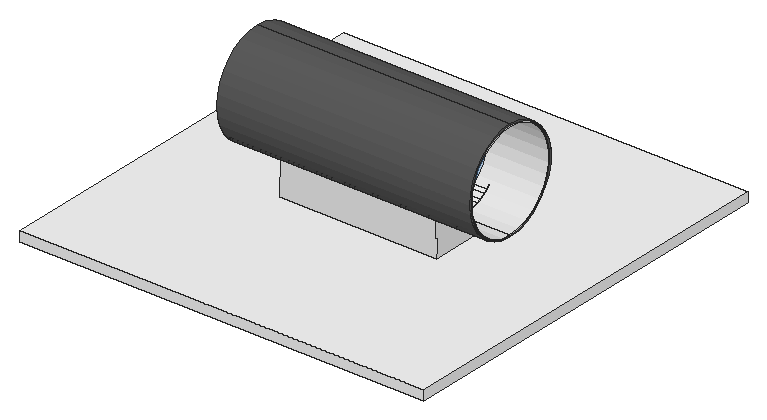
Revit family "BE_51146.2_de_DE", category Leuchten, Revit 2020
Family settings
  Basisbauteil = Fläche
  Bemaßung runder Anschluss = Durchmesser verwenden
  Teiletyp = Normal
  Beim Laden mit Abzugskörper schneiden = Ja
  Lichtquelle = Ja
  Gemeinsam genutzt = Nein
  Raumberechnungspunkt = Ja
Parameters (values of type "BEGA_51146.2_K3")
  built-in parameter 1150104 = 12.727 (stored number, unit not read)
  Wattage = 24.6 W
  Default Elevation = 0 mm
  built-in parameter 1150113 = 1 (stored number, unit not read)
  built-in parameter 1114218 = 1 (stored number, unit not read)
  Umgebungstemperatur = "25 °C"
  URL = "https://www.bega.com/de/produkt/51146.2"
  Typenkommentare = "© 2023 BEGA. Wir behalten uns das Recht vor, technische Änderungen ohne vorherige Ankündigung vorzunehmen."  # constant formula
  built-in parameter 1150134 = (empty or 0)
  built-in parameter 1150109 = 1 (stored number, unit not read)
  Strom = ""
  built-in parameter 1150110 = 1 (stored number, unit not read)
  Spannung = 239.996 V
  Sonderanfertigung = no
  Seriennummer [instance] = "Hier können Sie die eindeutige Seriennummer für das Facility Management eintragen."
  Schutzklasse = "I"
  Schutzart = "IP 20"
  Scheinlast = 0 VA
  Produktdatenblatt = "https://cdn.bega.com/bega/products/51146.2K3/current/documents/data-sheets/de"
  Oberflächentemperatur = ""
  Neigungswinkel = 0.00°
  Modell = "51146.2K3"
  Material_35 = BEGA_Oberfläche_Samtschwarz_matt
  Material_22 = BEGA_Oberfläche_Aluminium_matt
  Material_15 = BEGA_Leuchtmedium_matt
  Material_13 = BEGA_Kunststoff_matt
  M_W = no
  M_G = no
  M_A = no
  Logo = 0
  built-in parameter 1114217 = 1 (stored number, unit not read)
  built-in parameter 1150139 = (empty or 0)
  built-in parameter 1150105 = 268.17 (stored number, unit not read)
  built-in parameter 1150114 = 1 (stored number, unit not read)
  Lumens = 3369.95 lm
  built-in parameter 1150115 = 1 (stored number, unit not read)
  Leuchtenlichtstrom = "1456 lm"
  Leuchtenanzahl = ""
  Lebensdauerkriterien = "L70B50 @ 25 °C = 130000 h"
  Lastklassifizierung = Beleuchtung
  built-in parameter 1150112 = 1 (stored number, unit not read)
  Lampenlichtstrom = "3370 lm"
  Lampe = "LED 24.6 W"
  LED_Modulbezeichnung = "2x LED-0986/930"
  Hersteller = "BEGA"  # constant formula
  Halbstreuwinkel = ""
  Gewicht = "1.15 kg"
  Gebrauchslageneinschränkung [instance] = ""
  Frequenz = "0/50-60 Hz"
  Farbwiedergabeindex = "CRI > 90"
  Farbtemperaturverschiebung bei Dämpfen der Lampe = <Keine Auswahl>
  Farbtemperatur = "3000 K"
  Color Filter = 16777215
  built-in parameter 1150133 = 10 (stored number, unit not read)
  Energieeffizienzklasse = "LED A++ - A"
  built-in parameter 1150137 = (empty or 0)
  built-in parameter 1150132 = (empty or 0)
  ENEC = ""
  Dimmbar [instance] = "DALI"
  Datei für fotometrisches Netz = "BE_51146-2K3.ies"
  CE_Konformität = "ja"
  Bestellnummer = "51146.2K3"
  Beschreibung_Sonderanfertigung = "Hier können Sie Informationen zur Sonderanfertigung eintragen."
  Beschreibung = "Wandleuchte"
  built-in parameter 1150106 = 2.6817 (stored number, unit not read)
  Befestigungsbohrung = "Ø 4,5 mm"
  Befestigungsabstand = "90 x 38 mm"
  Ballwurfsicher = ""
  BEGA_Intern_aus = yes
  BEGA_Intern_an = yes
  BEGA_Intern_Konstruktion = yes
  BEGA_Intern = yes
  BEGA_IES = yes
  BEGA_Dummy = no
  Anschlussleitung = ""
  Anschlussleistung [instance] = "28 W"
  Anschlusskasten = ""
  built-in parameter 1150107 = 3000 (stored number, unit not read)
  built-in parameter 1150102 = (empty or 0)
  built-in parameter 1150138 = (empty or 0)
  Aktualisierung = "2023-01-11T04:00:03"
  Abstand_zur_angestrahlten_Fläche [instance] = ""
  AC/DC = "AC/DC"
Reference planes
  plane 1 "Mitte (Vorne/Hinten)": y = 0
  plane 2: z = 0
  plane 3 "Mitte (Links/Rechts)": x = 0
  plane 4 "Links": x = -125
  plane 5 "Rechts": x = 125
  plane 6 "Unten": y = -50.058
  plane 7 "Oben": y = 50.058
  plane 8 "Vorne": z = 121
  plane 9 "Hinten": z = 0
Forms (mm)
  Extrusion 1, solid, material "BEGA_Platte_Weiss"
    sketch origin (0, -1119.2, 0) x (1, 0, 0) y (0, 1, 0)
      loop
        line (-200, 1319.2) -> (-200, 919.2) -> (200, 919.2) -> (200, 1319.2) -> (-200, 1319.2)
    from 0 to -10
  Extrusion 2, solid, material "BEGA_Dummy_matt", visible <- "BEGA_Dummy"
    sketch origin (80.095, -76.023, 0) x (1, 0, 0) y (0, 1, 0)
      loop
        line (-205.095, 126.082) -> (-205.095, 25.965) -> (44.905, 25.965) -> (44.905, 126.082) -> (-205.095, 126.082)
    from 0 to 121
Dimensions and locks
  plane 1 "Mitte (Vorne/Hinten)" to Extrusion 1 = 200 mm
  aligned and locked: Extrusion 1 to plane 2
  aligned and locked: level to Extrusion 1
Nested families
  nested 1: "BE_51146.2_Leuchte" at (0, 0, 0), type "BE_51146.2_Leuchte"
Connectors
  electrical at (0, 0, 0), driven by "Lastklassifizierung", driven by "Spannung", driven by "Scheinlast"
    settings: index 1, voltage 239.996 V, apparent load 0 VA, apparent load phase1 0 VA, apparent load phase2 0 VA, apparent load phase3 0 VA, power factor 1, load classification "Beleuchtung", number of poles 1, system type 31, power factor state 1, is connector primary yes, connector utility no, sub classification motor no, connector description ""
Definition of nested family "BE_51146.2_Leuchte"
  Parameters (values of type "BE_51146.2_Leuchte")
    Default Elevation = 1 mm
    URL = "http://www.bega.de/de/produkt"
    Type Comments = "© 2015 BEGA. Wir behalten uns das Recht vor, technische Änderungen ohne vorherige Ankündigung vorzunehmen. "  # constant formula
    Type Image = (empty or 0)
    Material_35 = none
    Material_22 = none
    Material_15 = none
    Material_13 = none
    Länge_Platte = 200 mm  # constant formula
    Höhe_Platte = -10 mm  # constant formula
    Manufacturer = "BEGA"  # constant formula
    Breite_Platte = 200 mm  # constant formula
  Reference planes
    plane 1 "Mitte (Oben/Unten)": y = 0
    plane 2: z = 0
    plane 3 "Mitte (Links/Rechts)": x = 0
    plane 4: x = 125
    plane 5: x = -125
    plane 6: z = 121
    plane 7: z = 0
    plane 8: z = 0
    plane 9: y = -50.058
    plane 10: y = 50.058
  Forms (mm)
    Extrusion 1, solid, detail levels medium
      sketch origin (0, 0, 0) x (1, 0, 0) y (0, 1, 0)
        loop
          line (-100, 100) -> (-100, -100) -> (100, -100) -> (100, 100) -> (-100, 100)
      from 0 to -10 <- "Höhe_Platte"
    Extrusion 2, solid
      sketch origin (0, 0, 0) x (1, 0, 0) y (0, 0, 1)
        loop
          line (62.457, 5.5) -> (-65.543, 5.5) -> (-70.493, 10.45) -> (-71.907, 9.036) -> (-66.957, 4.086)
          arc (-66.957, 4.086) -> (-66.308, 3.652) -> (-65.543, 3.5) r 2
          line (-65.543, 3.5) -> (-61.043, 3.5) -> (-59.828, 1.097)
          arc (-59.828, 1.097) -> (-59.09, 0.296) -> (-58.043, 0) r 2
          line (-58.043, 0) -> (-54.043, 0)
          arc (-54.043, 0) -> (-52.992, 0.299) -> (-52.254, 1.105) r 2
          line (-52.254, 1.105) -> (-51.043, 3.5) -> (47.957, 3.5) -> (49.172, 1.097)
          arc (49.172, 1.097) -> (49.909, 0.296) -> (50.957, 0) r 2
          line (50.957, 0) -> (54.957, 0)
          arc (54.957, 0) -> (56.005, 0.296) -> (56.742, 1.097) r 2
          line (56.742, 1.097) -> (57.957, 3.5) -> (62.457, 3.5)
          arc (62.457, 3.5) -> (63.226, 3.654) -> (63.877, 4.092) r 2
          line (63.877, 4.092) -> (69.421, 9.636) -> (68.007, 11.05) -> (62.457, 5.5)
      from -28.034 to 28.034
    Extrusion 3, void
      sketch origin (0, 0, 0) x (1, 0, 0) y (0, 1, 0)
        loop
          arc (41.043, 7.018) -> (35.534, 12.5) -> (30.043, 7) r 5.5
          line (30.043, 7) -> (30.043, -7)
          arc (30.043, -7) -> (35.552, -12.5) -> (41.043, -6.982) r 5.5
          line (41.043, -6.982) -> (41.043, 7.018)
        loop
          arc (49.293, -17.25) -> (47.043, -15) -> (44.793, -17.25) r 2.25
          line (44.793, -17.25) -> (44.793, -20.75)
          arc (44.793, -20.75) -> (47.043, -23) -> (49.293, -20.75) r 2.25
          line (49.293, -20.75) -> (49.293, -17.25)
        loop
          arc (-44.207, 21.25) -> (-46.457, 19) -> (-44.207, 16.75) r 2.25
          line (-44.207, 16.75) -> (-40.707, 16.75)
          arc (-40.707, 16.75) -> (-38.457, 19) -> (-40.707, 21.25) r 2.25
          line (-40.707, 21.25) -> (-44.207, 21.25)
      from 0 to 11.05
    Extrusion 4, solid
      sketch origin (0, 0, 0) x (1, 0, 0) y (0, 0, 1)
        loop
          line (78.36, 0) -> (77.7, 37.817) -> (-75.7, 37.817) -> (-76.36, 0) -> (-73.221, 0) -> (-72.569, 18.662) -> (72.959, 18.662) -> (73.611, 0) -> (78.36, 0)
      from -32.994 to 32.954
    Extrusion 5, solid
      sketch origin (0, 0, 0) x (1, 0, 0) y (0, 0, 1)
        loop
          line (72.959, 18.662) -> (-72.569, 18.662) -> (-73.221, 0) -> (73.611, 0) -> (72.959, 18.662)
      from -32.994 to -30.064
    Extrusion 6, solid
      sketch origin (0, 0, 0) x (1, 0, 0) y (0, 0, -1)
        loop
          line (72.959, -18.662) -> (73.611, 0) -> (-73.221, 0) -> (-72.569, -18.662) -> (72.959, -18.662)
      from -32.954 to -30.064
    Revolve 7, solid, material <- "Material_22"
      sketch origin (0, 0, 0) x (1, 0, 0) y (0, 0, 1)
        loop
          line (125, 21.954) -> (125, 23) -> (-125, 23) -> (-125, 21.954) -> (125, 21.954)
        axis (125, 71) -> (-125, 71)
      angle from 0 to 360
    Revolve 8, solid, material <- "Material_35"
      sketch origin (0, 0, 0) x (1, 0, 0) y (0, 0, 1)
        loop
          line (-125, 21) -> (125, 21) -> (125, 21.953) -> (-125, 21.953) -> (-125, 21)
        axis (125, 71) -> (-125, 71)
      angle from 0 to 360
    Extrusion 9, void
      sketch origin (0, 0, 0) x (0, 1, 0) y (0, 0, 1)
        loop
          circle (0, 71) r 48
      from 0 to 250
    Extrusion 10, void
      sketch origin (0, 0, 0) x (0, 1, 0) y (0, 0, 1)
        loop
          circle (0, 71) r 48
      from -125 to 125
    Extrusion 11, solid, material <- "Material_22"
      sketch origin (0, 0, 0.06) x (0, 1, 0) y (0, 0, 1)
        loop
          arc (15, 106.127) -> (0, 109.213) -> (-15, 106.127) r 38
          line (-15, 106.127) -> (-15, 59.162) -> (-22.5, 59.162)
          arc (-22.5, 59.162) -> (-24.621, 58.283) -> (-25.5, 56.162) r 3
          line (-25.5, 56.162) -> (-25.5, 42.162)
          arc (-25.5, 42.162) -> (-24.621, 40.04) -> (-22.5, 39.162) r 3
          line (-22.5, 39.162) -> (-22.5, 28.6)
          arc (-22.5, 28.6) -> (-11.593, 24.421) -> (0, 23) r 48
          arc (0, 23) -> (11.593, 24.421) -> (22.5, 28.6) r 48
          line (22.5, 28.6) -> (22.5, 39.162)
          arc (22.5, 39.162) -> (24.621, 40.04) -> (25.5, 42.162) r 3
          line (25.5, 42.162) -> (25.5, 56.162)
          arc (25.5, 56.162) -> (24.621, 58.283) -> (22.5, 59.162) r 3
          line (22.5, 59.162) -> (15, 59.162) -> (15, 106.127)
      from 50.5 to 53.5
    Extrusion 12, solid, material <- "Material_22"
      sketch origin (0, 0, 0.06) x (0, 1, 0) y (0, 0, -1)
        loop
          line (15, -106.127) -> (15, -59.162) -> (22.5, -59.162)
          arc (22.5, -59.162) -> (24.621, -58.283) -> (25.5, -56.162) r 3
          line (25.5, -56.162) -> (25.5, -42.162)
          arc (25.5, -42.162) -> (24.621, -40.04) -> (22.5, -39.162) r 3
          line (22.5, -39.162) -> (22.5, -28.6)
          arc (22.5, -28.6) -> (11.593, -24.421) -> (0, -23) r 48
          arc (0, -23) -> (-11.593, -24.421) -> (-22.5, -28.6) r 48
          line (-22.5, -28.6) -> (-22.5, -39.162)
          arc (-22.5, -39.162) -> (-24.621, -40.04) -> (-25.5, -42.162) r 3
          line (-25.5, -42.162) -> (-25.5, -56.162)
          arc (-25.5, -56.162) -> (-24.621, -58.283) -> (-22.5, -59.162) r 3
          line (-22.5, -59.162) -> (-15, -59.162) -> (-15, -106.127)
          arc (-15, -106.127) -> (0, -109.213) -> (15, -106.127) r 38
      from 50.5 to 53.5
    Revolve 13, solid, material <- "Material_15"
      sketch origin (0, 0, 0) x (1, 0, 0) y (0, 0, 1)
        loop
          line (-55.05, 71) -> (-53.5, 71) -> (-53.5, 76) -> (-55.05, 76) -> (-55.05, 71)
        axis (-53.5, 71) -> (-55.05, 71)
      angle from 0 to 360
    Revolve 14, solid, material <- "Material_15"
      sketch origin (0, 0, 0) x (-1, 0, 0) y (0, 0, 1)
        loop
          line (-55.05, 71) -> (-53.5, 71) -> (-53.5, 76) -> (-55.05, 76) -> (-55.05, 71)
        axis (-53.5, 71) -> (-55.05, 71)
      angle from 0 to 360
    Revolve 15, solid, material <- "Material_13"
      sketch origin (0, 0, 0) x (1, 0, 0) y (0, 0, 1)
        loop
          line (65.5, 118.5) -> (60.5, 118.5) -> (60.5, 71) -> (65.5, 71) -> (65.5, 118.5)
        axis (65.5, 71) -> (60.5, 71)
      angle from 0 to 360
    Revolve 16, solid, material <- "Material_13"
      sketch origin (0, 0, 0) x (-1, 0, 0) y (0, 0, 1)
        loop
          line (65.5, 118.5) -> (60.5, 118.5) -> (60.5, 71) -> (65.5, 71) -> (65.5, 118.5)
        axis (65.5, 71) -> (60.5, 71)
      angle from 0 to 360
  Cuts and joins
    Extrusion 3 cuts Extrusion 2
    Extrusion 9, Extrusion 10 cuts Extrusion 4
    Extrusion 9, Extrusion 10 cuts Extrusion 5
    Extrusion 9, Extrusion 10 cuts Extrusion 6
    joined: Extrusion 4, Extrusion 5, Extrusion 6
    Extrusion 9, Extrusion 10 cuts Revolve 7
  Dimensions and locks
    equal spacing: Extrusion 1 sketch curve, plane 3 "Mitte (Links/Rechts)", Extrusion 1 sketch curve
    equal spacing: Extrusion 1 sketch curve, plane 1 "Mitte (Oben/Unten)", Extrusion 1 sketch curve
    "Länge_Platte": Extrusion 1 sketch curve to Extrusion 1 sketch curve
    "Breite_Platte": Extrusion 1 sketch curve to Extrusion 1 sketch curve
    plane 1 "Mitte (Oben/Unten)" to Extrusion 1 = 100 mm  (x3)
    aligned and locked: plane 2 to Extrusion 1
    aligned and locked: level to Extrusion 1
  Automatic sketch dimensions
    Extrusion 2 sketch curve to level = 0 mm  (x2)
    level to Extrusion 2 sketch curve = 9.036 mm
    Extrusion 2 sketch curve to plane 3 "Mitte (Links/Rechts)" = 71.907 mm
    level to Extrusion 2 sketch curve = 10.45 mm
    Extrusion 2 sketch curve to Extrusion 2 sketch curve = 1.414 mm  (x3)
    Extrusion 2 sketch curve to Extrusion 2 sketch curve = 4.95 mm
    Extrusion 2 sketch curve to Extrusion 2 sketch curve = 0 mm  (x7)
    Extrusion 2 sketch curve to Extrusion 2 sketch curve = 4.5 mm  (x2)
    Extrusion 2 sketch curve to Extrusion 2 sketch curve = 3 mm  (x3)
    level to Extrusion 2 sketch curve = 2 mm
    Extrusion 2 sketch curve to Extrusion 2 sketch curve = 4 mm  (x2)
    level to Extrusion 2 sketch curve = 1.105 mm
    level to Extrusion 2 sketch curve = 3.5 mm
    Extrusion 2 sketch curve to Extrusion 2 sketch curve = 1.211 mm
    plane 3 "Mitte (Links/Rechts)" to Extrusion 2 sketch curve = 47.957 mm
    level to Extrusion 2 sketch curve = 4.092 mm
    Extrusion 2 sketch curve to Extrusion 2 sketch curve = 1.42 mm
    level to Extrusion 2 sketch curve = 11.05 mm
    Extrusion 2 sketch curve to Extrusion 2 sketch curve = 5.55 mm
    level to Extrusion 2 sketch curve = 9.636 mm
    Extrusion 2 sketch curve to Extrusion 2 sketch curve = 2 mm  (x4)
    Extrusion 2 sketch curve to Extrusion 2 sketch curve = 1.5 mm  (x2)
    level to Extrusion 2 sketch curve = 4.086 mm
    level to Extrusion 2 sketch curve = 1.097 mm  (x4)
    Extrusion 2 sketch curve to Extrusion 2 sketch curve = 1.785 mm  (x2)
    Extrusion 3 sketch curve to plane 1 "Mitte (Oben/Unten)" = 16.75 mm
    Extrusion 3 sketch curve to plane 3 "Mitte (Links/Rechts)" = 44.207 mm
    Extrusion 3 sketch curve to Extrusion 3 sketch curve = 3.5 mm  (x2)
    Extrusion 3 sketch curve to plane 1 "Mitte (Oben/Unten)" = 7 mm
    plane 3 "Mitte (Links/Rechts)" to Extrusion 3 sketch curve = 30.043 mm
    Extrusion 3 sketch curve to Extrusion 3 sketch curve = 5.5 mm  (x3)
    Extrusion 3 sketch curve to Extrusion 3 sketch curve = 3.75 mm
    Extrusion 3 sketch curve to Extrusion 3 sketch curve = 2.25 mm  (x2)
    plane 1 "Mitte (Oben/Unten)" to Extrusion 3 sketch curve = 6.982 mm
    Extrusion 3 sketch curve to Extrusion 3 sketch curve = 10.268 mm
    Extrusion 4 sketch curve to level = 0 mm  (x2)
    Extrusion 4 sketch curve to plane 3 "Mitte (Links/Rechts)" = 76.36 mm
    level to Extrusion 4 sketch curve = 37.817 mm
    Extrusion 4 sketch curve to Extrusion 4 sketch curve = 0.66 mm
    Extrusion 4 sketch curve to Extrusion 4 sketch curve = 3.14 mm
    level to Extrusion 4 sketch curve = 18.662 mm
    Extrusion 4 sketch curve to Extrusion 4 sketch curve = 0.652 mm  (x2)
    plane 3 "Mitte (Links/Rechts)" to Extrusion 4 sketch curve = 72.959 mm
    Extrusion 4 sketch curve to Extrusion 4 sketch curve = 4.741 mm
    Extrusion 4 sketch curve to Extrusion 4 sketch curve = 4.749 mm
    Extrusion 5 sketch curve to level = 0 mm
    Extrusion 5 sketch curve to plane 3 "Mitte (Links/Rechts)" = 73.221 mm
    Extrusion 5 sketch curve to Extrusion 5 sketch curve = 0.652 mm  (x2)
    level to Extrusion 5 sketch curve = 18.662 mm
    plane 3 "Mitte (Links/Rechts)" to Extrusion 5 sketch curve = 72.959 mm
    Extrusion 6 sketch curve to level = 0 mm
    Extrusion 6 sketch curve to plane 3 "Mitte (Links/Rechts)" = 73.221 mm
    Extrusion 6 sketch curve to Extrusion 6 sketch curve = 0.652 mm  (x2)
    level to Extrusion 6 sketch curve = 18.662 mm
    plane 3 "Mitte (Links/Rechts)" to Extrusion 6 sketch curve = 72.959 mm
    level to Revolve 7 sketch curve = 21.954 mm
    Revolve 7 sketch curve to plane 3 "Mitte (Links/Rechts)" = 125 mm
    plane 3 "Mitte (Links/Rechts)" to Revolve 7 sketch curve = 125 mm
    Revolve 7 sketch curve to Revolve 7 sketch curve = 1.046 mm
    Revolve 7 sketch curve to Revolve 7 sketch curve = 2 mm  (x2)
    Revolve 7 sketch curve to Revolve 7 sketch curve = 48 mm
    level to Revolve 8 sketch curve = 21 mm
    Revolve 8 sketch curve to plane 3 "Mitte (Links/Rechts)" = 125 mm
    plane 3 "Mitte (Links/Rechts)" to Revolve 8 sketch curve = 125 mm
    Revolve 8 sketch curve to Revolve 8 sketch curve = 0.953 mm
    Revolve 8 sketch curve to Revolve 8 sketch curve = 2 mm  (x2)
    Revolve 8 sketch curve to Revolve 8 sketch curve = 49.047 mm
    Extrusion 9 sketch curve to Extrusion 9 sketch curve = 0 mm  (x2)
    Extrusion 9 sketch curve to plane 1 "Mitte (Oben/Unten)" = 0 mm
    level to Extrusion 9 sketch curve = 71 mm
    level to Extrusion 9 sketch curve = 23 mm
    Extrusion 10 sketch curve to Extrusion 10 sketch curve = 0 mm  (x2)
    Extrusion 10 sketch curve to plane 1 "Mitte (Oben/Unten)" = 0 mm
    level to Extrusion 10 sketch curve = 71 mm
    level to Extrusion 10 sketch curve = 23 mm
    Extrusion 11 sketch curve to Extrusion 11 sketch curve = 0 mm  (x3)
    Extrusion 11 sketch curve to plane 1 "Mitte (Oben/Unten)" = 0 mm  (x2)
    plane 1 "Mitte (Oben/Unten)" to Extrusion 11 sketch curve = 15 mm
    Extrusion 11 sketch curve to Extrusion 11 sketch curve = 7.5 mm  (x3)
    Extrusion 11 sketch curve to Extrusion 11 sketch curve = 3 mm  (x2)
    Extrusion 11 sketch curve to plane 1 "Mitte (Oben/Unten)" = 15 mm
    level to Extrusion 11 sketch curve = 28.66 mm
    Extrusion 11 sketch curve to Extrusion 11 sketch curve = 10.561 mm  (x2)
    Extrusion 11 sketch curve to Extrusion 11 sketch curve = 14 mm  (x2)
    Extrusion 11 sketch curve to Extrusion 11 sketch curve = 11.838 mm
    Extrusion 11 sketch curve to Extrusion 11 sketch curve = 0.213 mm
    Extrusion 11 sketch curve to Extrusion 11 sketch curve = 34.914 mm
    Extrusion 12 sketch curve to Extrusion 12 sketch curve = 0 mm  (x3)
    Extrusion 12 sketch curve to plane 1 "Mitte (Oben/Unten)" = 0 mm  (x2)
    plane 1 "Mitte (Oben/Unten)" to Extrusion 12 sketch curve = 15 mm
    Extrusion 12 sketch curve to Extrusion 12 sketch curve = 7.5 mm  (x3)
    Extrusion 12 sketch curve to Extrusion 12 sketch curve = 3 mm  (x2)
    Extrusion 12 sketch curve to plane 1 "Mitte (Oben/Unten)" = 15 mm
    level to Extrusion 12 sketch curve = 106.187 mm
    Extrusion 12 sketch curve to Extrusion 12 sketch curve = 34.914 mm
    Extrusion 12 sketch curve to Extrusion 12 sketch curve = 0.213 mm
    Extrusion 12 sketch curve to Extrusion 12 sketch curve = 11.838 mm  (x2)
    Extrusion 12 sketch curve to Extrusion 12 sketch curve = 14 mm  (x2)
    Extrusion 12 sketch curve to Extrusion 12 sketch curve = 10.561 mm
    Revolve 13 sketch curve to plane 3 "Mitte (Links/Rechts)" = 55.05 mm
    Revolve 13 sketch curve to Revolve 13 sketch curve = 1.55 mm
    level to Revolve 13 sketch curve = 71 mm  (x2)
    Revolve 13 sketch curve to Revolve 13 sketch curve = 5 mm
    Revolve 13 sketch curve to Revolve 13 sketch curve = 71.95 mm
    plane 3 "Mitte (Links/Rechts)" to Revolve 13 sketch curve = 127 mm
    Revolve 14 sketch curve to plane 3 "Mitte (Links/Rechts)" = 55.05 mm
    Revolve 14 sketch curve to Revolve 14 sketch curve = 1.55 mm
    Revolve 14 sketch curve to level = 71 mm  (x2)
    Revolve 14 sketch curve to Revolve 14 sketch curve = 5 mm
    Revolve 14 sketch curve to Revolve 14 sketch curve = 71.95 mm
    plane 3 "Mitte (Links/Rechts)" to Revolve 14 sketch curve = 127 mm
    plane 3 "Mitte (Links/Rechts)" to Revolve 15 sketch curve = 60.5 mm
    Revolve 15 sketch curve to Revolve 15 sketch curve = 5 mm
    level to Revolve 15 sketch curve = 71 mm
    Revolve 15 sketch curve to Revolve 15 sketch curve = 47.5 mm
    Revolve 15 sketch curve to plane 3 "Mitte (Links/Rechts)" = 127 mm
    Revolve 15 sketch curve to Revolve 15 sketch curve = 61.5 mm
    Revolve 15 sketch curve to Revolve 15 sketch curve = 0 mm
    plane 3 "Mitte (Links/Rechts)" to Revolve 16 sketch curve = 60.5 mm
    Revolve 16 sketch curve to Revolve 16 sketch curve = 5 mm
    Revolve 16 sketch curve to level = 71 mm
    Revolve 16 sketch curve to Revolve 16 sketch curve = 47.5 mm
    Revolve 16 sketch curve to plane 3 "Mitte (Links/Rechts)" = 127 mm
    Revolve 16 sketch curve to Revolve 16 sketch curve = 61.5 mm
    Revolve 16 sketch curve to Revolve 16 sketch curve = 0 mm
